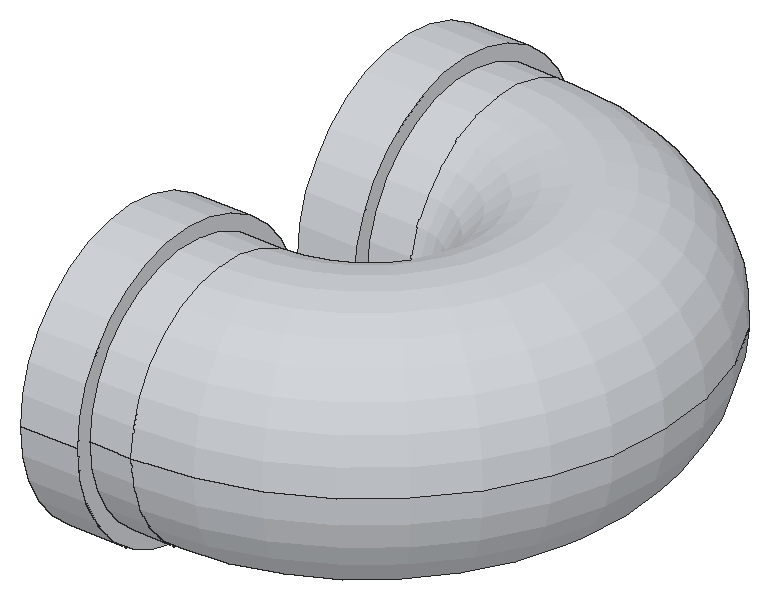
Revit family "b5cbc49122f743f885a3a0114c2558e8", category Pipe Fittings, Revit 2021
Family settings
  Round Connector Dimension = Use Radius
  Part Type = Multi Port
  OmniClass Number = 23.60.30.11.14
  OmniClass Title = Pipework Fittings
  Seek Item ID = Return Bend Open-Pattern - Threaded - MI - Class 150-0000-USA-ENU
  Work Plane-Based = No
  Always vertical = Yes
  Cut with Voids When Loaded = No
  Shared = No
Parameters (values of type "Standard")
  Tick Size [instance] = Fitting Outside Diameter * 0.4  # 0.42835"
  Thread Length [instance] = size_lookup(Lookup Table Name, "TLgt", 0.19 * Nominal Diameter + 97/256", Nominal Diameter)  # 0.42913"
  Nominal Radius [instance] = 1/4"
  Nominal Diameter [instance] = Nominal Radius * 2  # 1/2"
  Metal Thickness [instance] = size_lookup(Lookup Table Name, "MThk", 0.06 * Nominal Diameter + 23/256", Nominal Diameter)  # 0.11614"
  Loss Method = Not Defined
  Lookup Table Name = "Return Bend Open-Pattern - Threaded - MI - Class 150"
  Length 1 [instance] = Fitting Inside Diameter + 2 * Metal Thickness + 1/32"  # 1.10212"
  Half Center to Center [instance] = 0.5 * Center to Center  # 3/4"
  Fitting Outside Radius [instance] = Fitting Outside Diameter / 2  # 0.53543"
  Fitting Outside Diameter [instance] = Fitting Inside Diameter + Metal Thickness * 2  # 1.07087"
  Fitting Inside Diameter [instance] = size_lookup(Lookup Table Name, "FID", 1.06 * Nominal Diameter + 61/256", Nominal Diameter)  # 0.83858"
  Default Elevation = 0' - 0"
  Center to Center [instance] = if(Center to Center 1 > Fitting Inside Diameter + 2 * Metal Thickness, Center to Center 1, Length 1)  # 1 1/2"
  Center to Center 1 [instance] = size_lookup(Lookup Table Name, "CtC", 1.26 * Nominal Diameter + 1 25/128", Nominal Diameter)  # 1 1/2"
  Band Width [instance] = size_lookup(Lookup Table Name, "BWid", 0.12 * Nominal Diameter + 23/128", Nominal Diameter)  # 0.24803"
  Band Outside Radius [instance] = Band Outside Diameter / 2  # 0.59843"
  Band Outside Diameter [instance] = size_lookup(Lookup Table Name, "BOD", 1.22 * Nominal Diameter + 67/128", Nominal Diameter)  # 1.19685"
Reference planes (in)
  plane 1 "Center (Front/Back)": y = 0
  plane 2: z = 0
  plane 3 "Center (Left/Right)": x = 0
  plane 4: y = -1.5
  plane 5: x = 0.24803
  plane 6: x = 0.42913
  plane 7: y = -0.75
Forms (in)
  Sweep 1, solid, detail levels fine
    path origin (0, 0, 0) x (1, 0, 0) y (0, 1, 0)
      loop
        line (0, 0) -> (0.24803, 0)
    profile origin (0.12402, 0, 0) x (0, 1, 0) y (0, 0, 1)
      loop
        circle (0, 0) r 0.59843
  Sweep 2, solid, detail levels fine
    path origin (0, 0, 0) x (1, 0, 0) y (0, 1, 0)
      loop
        line (0, -1.5) -> (0.24803, -1.5)
    profile origin (0.12402, -1.5, 0) x (0, 1, 0) y (0, 0, 1)
      loop
        circle (0, 0) r 0.59843
  Sweep 3, solid, detail levels fine
    path origin (0, 0, 0) x (1, 0, 0) y (0, 1, 0)
      loop
        line (0.24803, 0) -> (0.42913, 0)
        arc (0.42913, 0) -> (1.17913, -0.75) -> (0.42913, -1.5) r 0.75
        line (0.42913, -1.5) -> (0.24803, -1.5)
    profile origin (1.17913, -0.75, 0) x (1, 0, 0) y (0, 0, 1)
      loop
        circle (0, 0) r 0.53543
Cuts and joins
  joined: Sweep 1, Sweep 2, Sweep 3
Lines and regions (in)
  model lines, detail levels coarse+medium
    curve 1: line (0, -1.5, 0) -> (0.42913, -1.5, 0)
    curve 2: line (0, 0, 0) -> (0.42913, 0, 0)
    curve 3: arc (0.42913, 0, 0) -> (1.17913, -0.75, 0) -> (0.42913, -1.5, 0) r 0.75
    curve 4: line (0, 0.42835, 0) -> (0, -0.42835, 0)
    curve 5: line (0, -1.07165, 0) -> (0, -1.92835, 0)
Dimensions and locks (in)
  "Center to Center": plane 4 to plane 1 "Center (Front/Back)"
  "Band Width": plane 3 "Center (Left/Right)" to plane 5
  "Thread Length": plane 3 "Center (Left/Right)" to plane 6
  equal spacing: plane 4, plane 7, plane 1 "Center (Front/Back)"
  "Tick Size": curve 4 to curve 2  (x2)
  "Tick Size": curve 5 to curve 1
  "Tick Size": curve 1 to curve 5
  "Band Outside Radius": radius of Sweep 1 sketch curve
  "Band Outside Radius": radius of Sweep 2 sketch curve
  "Half Center to Center": radius of Sweep 3 sketch curve
  "Fitting Outside Radius": radius of Sweep 3 sketch curve
  "Half Center to Center": radius of curve 3
  aligned and locked: plane 3 "Center (Left/Right)" to Sweep 1 sketch curve
  aligned and locked: plane 5 to Sweep 1 sketch curve
  aligned and locked: plane 1 "Center (Front/Back)" to Sweep 1 sketch curve  (x2)
  aligned and locked: plane 2 to Sweep 1 sketch curve
  aligned and locked: plane 3 "Center (Left/Right)" to Sweep 2 sketch curve
  aligned and locked: Sweep 2 sketch curve to plane 4
  aligned and locked: plane 2 to Sweep 2 sketch curve
  aligned and locked: plane 4 to Sweep 2 sketch curve
  aligned and locked: plane 7 to Sweep 3 sketch curve
  aligned and locked: plane 6 to Sweep 3 sketch curve
  aligned and locked: Sweep 1 to Sweep 3 sketch curve
  aligned and locked: plane 1 "Center (Front/Back)" to Sweep 3 sketch curve
  aligned and locked: Sweep 2 to Sweep 3 sketch curve
  aligned and locked: Sweep 3 sketch curve to plane 4
  aligned and locked: plane 7 to curve 3
  aligned and locked: plane 6 to curve 3
  aligned and locked: plane 1 "Center (Front/Back)" to curve 2
  aligned and locked: curve 1 to plane 4
  aligned and locked: curve 4 to plane 3 "Center (Left/Right)"
  aligned and locked: curve 5 to plane 3 "Center (Left/Right)"
  aligned and locked: plane 6 to curve 2
  aligned and locked: plane 6 to curve 1
Automatic sketch dimensions
  Sweep 2 sketch curve to plane 5 = 0' - 0"
  Sweep 3 sketch curve to level = 0' - 0"
  profile plane to Sweep 3 sketch curve = 0' - 0"
Connectors (in)
  piping at (0, 0, 0), diameter 0.5, driven by "Nominal Radius"
    settings: on Sweep 1, index 1, connector inside diameter 1/2", connector length 0' - 0", flow factor 0, pipe flow 0 GPM, pressure drop 0.00 psi, fitting loss kfactor 0, connector angle 0.00°, fixture units 0, engagement length 0' - 0", angle of deflection 0.00°, flow configuration 0, flow direction 0, fitting loss method 0, system type 28, joint type 0, gender type 0, connector reference index 2, connector utility 0, adjustable connector no, is connector primary yes, connector description ""
  piping at (0, -1.5, 0), diameter 0.5, driven by "Nominal Radius"
    settings: on Sweep 2, index 2, connector inside diameter 1/2", connector length 0' - 0", flow factor 0, pipe flow 0 GPM, pressure drop 0.00 psi, fitting loss kfactor 0, connector angle 0.00°, fixture units 0, engagement length 0' - 0", angle of deflection 0.00°, flow configuration 0, flow direction 0, fitting loss method 0, system type 28, joint type 0, gender type 0, connector reference index 1, connector utility 0, adjustable connector no, is connector primary no, connector description ""
